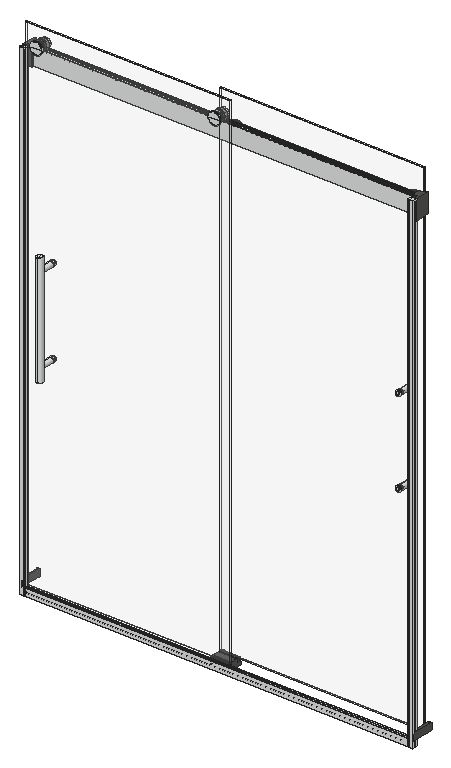
Revit family "Shower-Shower_Door-KOHLER-Levity_Plus-K-702423_1", category Specialty Equipment, host Face, Revit 2022 (continued)
Definition of nested family "K-702423"
  Automatic sketch dimensions
    curve 218 to curve 220 = 0.2034"
    curve 218 to curve 215 = 0.2753"
    curve 220 to curve 217 = 0.12991"
    curve 216 to curve 217 = 0"  (x2)
    curve 217 to plane 22 "D" = 0.60618"
    curve 216 to curve 215 = 0.05802"
    curve 217 to curve 220 = 0.12991"
    curve 215 to curve 219 = 0.2753"
    curve 190 to curve 196 = 0.38865"
    curve 214 to curve 190 = 0"
    curve 160 to curve 232 = 0.10651"
    curve 168 to curve 202 = 0.00584"
    curve 190 to curve 195 = 0.11712"
    curve 233 to plane 3 "Center (Left/Right)" = 0.34077"
    curve 234 to curve 204 = 0"
    curve 213 to curve 190 = 0"
    curve 225 to plane 10 "E" = 0.37454"
    curve 221 to plane 10 "E" = 1/4"
    curve 222 to curve 221 = 0"
    plane 10 "E" to curve 222 = 1/4"
    curve 221 to curve 222 = 0"
    curve 222 to curve 223 = 0.12454"
    curve 223 to curve 230 = 0.43521"
    curve 229 to curve 230 = 0"  (x2)
    curve 223 to curve 231 = 0.63937"
    curve 230 to curve 226 = 0.27606"
    curve 231 to curve 228 = 0.12991"
    curve 227 to curve 228 = 0"  (x2)
    curve 228 to plane 21 "C" = 0.60618"
    curve 227 to curve 226 = 0.05802"
    curve 228 to curve 231 = 0.12991"
    curve 226 to curve 230 = 0.27606"
    curve 212 to plane 23 = 0.03488"
    curve 68 to curve 69 = 0"  (x2)
    curve 70 to curve 71 = 0"  (x2)
    curve 69 to plane 12 "A" = 0"
    curve 69 to plane 13 = 0"
    curve 76 to plane 5 = 0"
    curve 73 to plane 6 = 0"
    curve 77 to plane 11 "B" = 0"
    curve 76 to plane 11 "B" = 0"
    curve 78 to plane 11 "B" = 0"
    curve 79 to plane 11 "B" = 0"
    curve 70 to plane 12 "A" = 0"
    plane 14 to curve 70 = 0"
    curve 86 to plane 3 "Center (Left/Right)" = 0"
    curve 95 to plane 10 "E" = 0"
    curve 94 to plane 10 "E" = 0"
    curve 93 to plane 27 = 0"
    curve 92 to plane 28 = 0"
    curve 90 to plane 8 = 0"
    curve 87 to plane 23 = 0"
    curve 91 to plane 9 = 0"
    curve 95 to plane 17 = 0"
    curve 94 to plane 18 = 0"
    curve 86 to plane 24 "AB" = 0"
    level to curve 66 = 0.08036"
    plane 7 to curve 66 = 0.76451"
    curve 72 to plane 6 = 0.05514"
    curve 72 to curve 72 = 0.44435"
    curve 74 to curve 76 = 0.05041"
    curve 72 to curve 73 = 0.05514"
    plane 11 "B" to curve 80 = 0.38922"
    plane 11 "B" to curve 82 = 0.39395"
    curve 82 to curve 84 = 0.05041"
    curve 87 to plane 8 = 0.21268"
    plane 5 to curve 74 = 0.05041"
    curve 89 to plane 27 = 0.23584"
    plane 28 to curve 90 = 0.09329"
    curve 92 to curve 88 = 0.202"
    plane 28 to curve 65 = 0.21695"
    plane 7 to curve 66 = 0.32175"
    plane 7 to curve 64 = 0.32149"
    level to curve 90 = 0.07959"
    curve 65 to curve 67 = 0.96667"
    plane 7 to Masking region 3 sketch curve = 0.76451"
    Masking region 3 sketch curve to Masking region 3 sketch curve = 0.12919"
    Masking region 3 sketch curve to plane 7 = 0"
    curve 104 to curve 157 = 0.14632"
    curve 101 to curve 102 = 0.25668"
    curve 119 to curve 137 = 0.20269"
    curve 235 to plane 7 = 0"
    curve 100 to curve 235 = 0.02617"
    radius of Extrusion 27 sketch curve = 0.3937"  (x2)
    radius of Extrusion 28 sketch curve = 0.44363"
    radius of curve 156 = 0.3885"
    radius of curve 224 = 0.3885"
    radius of curve 68 = 0.93903"
    radius of curve 69 = 0.89273"
    radius of curve 70 = 0.93903"
    radius of curve 71 = 0.89273"
    radius of curve 94 = 0.3937"
    radius of curve 95 = 0.3937"
Types (5): name | Width | Walk Thru | Type | Model | Finish
  (no name) | 59 157/256" | 27 133/256" | 1 | "K-702423-L-SHP" | Kohler-Metal-SHP-Bright_Polished_Silver
  SHP-Bright Polished Silver | 59 157/256" | 27 133/256" | 1 | "K-702423-L-SHP" | Kohler-Metal-SHP-Bright_Polished_Silver
  BNK-Anodized Brushed Nickel | 59.65281" | 27.55906" | 2 | "K-702423-L-BNK" | Kohler-Metal-BNK-Anodized_Brushed_Nickel
  BL-Matte Black | 59.65281" | 27.55906" | 3 | "K-702423-L-BL" | Kohler-Metal-BL-Matte_Black
  2MB-Vibrant Brushed Moderne Brass | 59.65281" | 27.55906" | 4 | "K-702423-L-2MB" | Kohler-Metal-2MB-Vibrant_Brushed_Moderne_Brass
